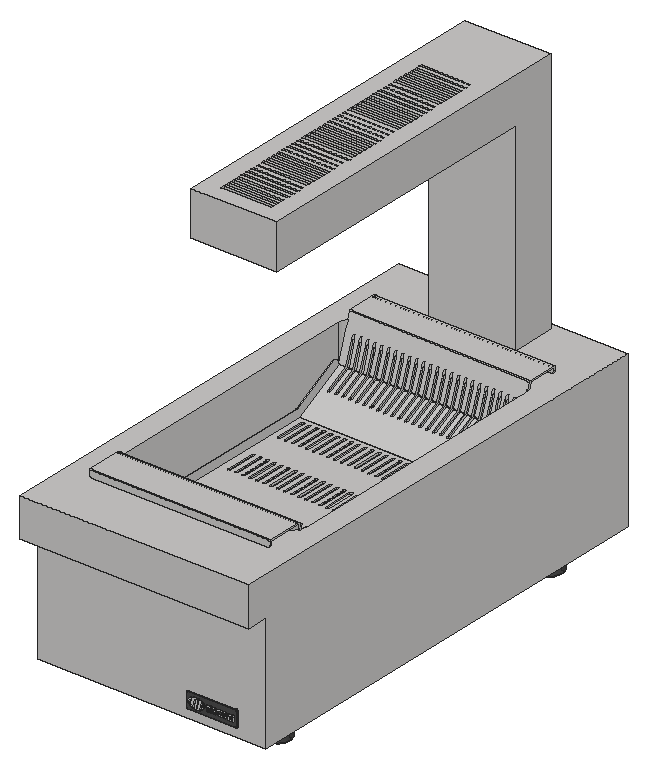
Revit family "QF_MACOM_CF71C-A2M", category Equipamento especial, Revit 2020
Family settings
  Cota do conector redondo = Utilizar diâmetro
  Tipo de parte = Normal
  Número OmniClass = 23.40.40.14.17.11
  Título OmniClass = Cookers, Ovens, Stoves
  Com base no plano de trabalho = Não
  Sempre na vertical = Sim
  Corte com vazios quando carregada = Não
  Compartilhado = Não
  Ponto de cálculo do ambiente = Não
Parameters (values of type "CF71C-A2M")
  Width = 360 mm
  Weigth = 15.00 kg
  Volume = 0.17 m³
  Volts = 220 V
  URL = "https://www.acosmacom.com.br/"
  Show Logo [instance] = yes
  Operational Current = 3 A
  Modelo = "CF71C-A2M"
  Ingress Protection Code = "IP 20"
  Height = 632 mm
  Fabricante = "MACOM"
  Elevação padrão = 0 mm
  Electric Power = 650 W
  Elec Connection Height = 20 mm
  Descrição = "CONSERVADOR DE FRITURAS 700HP A MACOM 360 ELETRICO"
  Depth = 745 mm
  Cycle = 60 Hz
  Capacity = "GN 1/1 - 150"
Reference planes
  plane 1 "Centro (Frente/Trás)": y = 0
  plane 2: z = 0
  plane 3 "Centro (Esquerda/Direita)": x = 0
  plane 4: x = 30
  plane 5: x = 330
  plane 6: y = -115
  plane 7: y = -650
  plane 8: x = 360
  plane 9: y = -745
  plane 10: z = 20
  plane 11: z = 652
  plane 12: z = 204
  plane 13: z = 582
  plane 14: z = 265
  plane 15: x = 180
Forms (mm)
  Extrusion 1, solid, material "QF_Metal_Stainless Steel-Polished"
    sketch origin (0, 0, -635) x (0, 1, 0) y (0, 0, 1)
      loop
        line (0, 900) -> (-745, 900) -> (-745, 655) -> (0, 655) -> (0, 900)
    from 0 to 360
  Extrusion 2, void
    sketch origin (0, 0, 0) x (1, 0, 0) y (0, 0, 1)
      loop
        line (0, 204) -> (0, 20) -> (360, 20) -> (360, 204) -> (0, 204)
    from 711 to 745
  Extrusion 3, solid, material "QF_Metal_Stainless Steel-Polished"
    sketch origin (0, 0, 0) x (0, 1, 0) y (0, 0, 1)
      loop
        line (-10, 265) -> (-10, 652) -> (-550, 652) -> (-550, 582) -> (-80, 582) -> (-80, 265) -> (-10, 265)
    from 112 to 248
  Extrusion 4, void
    sketch origin (0, 5, 0) x (1, 0, 0) y (0, 1, 0)
      loop
        arc (64.5, -137.5) -> (43.287, -146.287) -> (34.5, -167.5) r 30
        line (34.5, -167.5) -> (34.5, -587.5)
        arc (34.5, -587.5) -> (43.287, -608.713) -> (64.5, -617.5) r 30
        line (64.5, -617.5) -> (295.5, -617.5)
        arc (295.5, -617.5) -> (316.713, -608.713) -> (325.5, -587.5) r 30
        line (325.5, -587.5) -> (325.5, -167.5)
        arc (325.5, -167.5) -> (316.713, -146.287) -> (295.5, -137.5) r 30
        line (295.5, -137.5) -> (64.5, -137.5)
    from 116 to 265
  Extrusion 5, void
    sketch origin (0, -10, 652) x (1, 0, 0) y (0, -1, 0)
      loop
        line (140, 120.253) -> (220, 120.253) -> (220, 125.253) -> (140, 125.253) -> (140, 120.253)
      loop
        line (140, 130.253) -> (220, 130.253) -> (220, 135.253) -> (140, 135.253) -> (140, 130.253)
      loop
        line (140, 140.253) -> (220, 140.253) -> (220, 145.253) -> (140, 145.253) -> (140, 140.253)
      loop
        line (140, 150.253) -> (220, 150.253) -> (220, 155.253) -> (140, 155.253) -> (140, 150.253)
      loop
        line (140, 160.253) -> (220, 160.253) -> (220, 165.253) -> (140, 165.253) -> (140, 160.253)
      loop
        line (140, 170.253) -> (220, 170.253) -> (220, 175.253) -> (140, 175.253) -> (140, 170.253)
      loop
        line (140, 180.253) -> (220, 180.253) -> (220, 185.253) -> (140, 185.253) -> (140, 180.253)
      loop
        line (140, 510.253) -> (220, 510.253) -> (220, 515.253) -> (140, 515.253) -> (140, 510.253)
      loop
        line (140, 500.253) -> (220, 500.253) -> (220, 505.253) -> (140, 505.253) -> (140, 500.253)
      loop
        line (140, 490.253) -> (220, 490.253) -> (220, 495.253) -> (140, 495.253) -> (140, 490.253)
      loop
        line (140, 480.253) -> (220, 480.253) -> (220, 485.253) -> (140, 485.253) -> (140, 480.253)
      loop
        line (140, 470.253) -> (220, 470.253) -> (220, 475.253) -> (140, 475.253) -> (140, 470.253)
      loop
        line (220, 465.253) -> (140, 465.253) -> (140, 460.253) -> (220, 460.253) -> (220, 465.253)
      loop
        line (140, 455.253) -> (140, 450.253) -> (220, 450.253) -> (220, 455.253) -> (140, 455.253)
      loop
        line (220, 445.253) -> (140, 445.253) -> (140, 440.253) -> (220, 440.253) -> (220, 445.253)
      loop
        line (220, 435.253) -> (140, 435.253) -> (140, 430.253) -> (220, 430.253) -> (220, 435.253)
      loop
        line (220, 425.253) -> (140, 425.253) -> (140, 420.253) -> (220, 420.253) -> (220, 425.253)
      loop
        line (220, 415.253) -> (140, 415.253) -> (140, 410.253) -> (220, 410.253) -> (220, 415.253)
      loop
        line (220, 405.253) -> (140, 405.253) -> (140, 400.253) -> (220, 400.253) -> (220, 405.253)
      loop
        line (220, 395.253) -> (140, 395.253) -> (140, 390.253) -> (220, 390.253) -> (220, 395.253)
      loop
        line (220, 385.253) -> (140, 385.253) -> (140, 380.253) -> (220, 380.253) -> (220, 385.253)
      loop
        line (220, 375.253) -> (140, 375.253) -> (140, 370.253) -> (220, 370.253) -> (220, 375.253)
      loop
        line (220, 365.253) -> (140, 365.253) -> (140, 360.253) -> (220, 360.253) -> (220, 365.253)
      loop
        line (220, 355.253) -> (140, 355.253) -> (140, 350.253) -> (220, 350.253) -> (220, 355.253)
      loop
        line (220, 345.253) -> (140, 345.253) -> (140, 340.253) -> (220, 340.253) -> (220, 345.253)
      loop
        line (220, 335.253) -> (140, 335.253) -> (140, 330.253) -> (220, 330.253) -> (220, 335.253)
      loop
        line (220, 325.253) -> (140, 325.253) -> (140, 320.253) -> (220, 320.253) -> (220, 325.253)
      loop
        line (220, 315.253) -> (140, 315.253) -> (140, 310.253) -> (220, 310.253) -> (220, 315.253)
      loop
        line (220, 305.253) -> (140, 305.253) -> (140, 300.253) -> (220, 300.253) -> (220, 305.253)
      loop
        line (220, 295.253) -> (140, 295.253) -> (140, 290.253) -> (220, 290.253) -> (220, 295.253)
      loop
        line (220, 285.253) -> (140, 285.253) -> (140, 280.253) -> (220, 280.253) -> (220, 285.253)
      loop
        line (220, 275.253) -> (140, 275.253) -> (140, 270.253) -> (220, 270.253) -> (220, 275.253)
      loop
        line (140, 265.253) -> (140, 260.253) -> (220, 260.253) -> (220, 265.253) -> (140, 265.253)
      loop
        line (140, 255.253) -> (140, 250.253) -> (220, 250.253) -> (220, 255.253) -> (140, 255.253)
      loop
        line (140, 245.253) -> (140, 240.253) -> (220, 240.253) -> (220, 245.253) -> (140, 245.253)
      loop
        line (220, 235.253) -> (140, 235.253) -> (140, 230.253) -> (220, 230.253) -> (220, 235.253)
      loop
        line (220, 225.253) -> (140, 225.253) -> (140, 220.253) -> (220, 220.253) -> (220, 225.253)
      loop
        line (220, 215.253) -> (140, 215.253) -> (140, 210.253) -> (220, 210.253) -> (220, 215.253)
      loop
        line (220, 205.253) -> (140, 205.253) -> (140, 200.253) -> (220, 200.253) -> (220, 205.253)
      loop
        line (220, 195.253) -> (140, 195.253) -> (140, 190.253) -> (220, 190.253) -> (220, 195.253)
    from 0 to 70
  Extrusion 6, solid, material "QF_Metal_Stainless Steel-Polished"
    sketch origin (0, -750, 20) x (1, 0, 0) y (0, -1, 0)
      loop
        circle (180, -735) r 9.525
    from 0 to 6.35
Cuts and joins
  Extrusion 2, Extrusion 4 cuts Extrusion 1
  Extrusion 5 cuts Extrusion 3
Dimensions and locks
  locked: plane 2 to plane 10 at 20
  plane 10 to cut or joined group of Extrusion 1, Extrusion 2, Extrusion 4 = 184 mm
  locked: plane 13 to plane 11 at 70
  locked: plane 12 to plane 14 at 61
  plane 10 to plane 14 = 245 mm
  level to plane 10 = 20 mm
  "Depth": plane 9 to plane 1 "Centro (Frente/Trás)"
  "Width": plane 3 "Centro (Esquerda/Direita)" to plane 8
  equal spacing: plane 3 "Centro (Esquerda/Direita)", plane 15, plane 8
  cut or joined group of Extrusion 1, Extrusion 2, Extrusion 4 to Extrusion 6 sketch curve = 15 mm
  "Height": plane 10 to plane 11
  locked: plane 8 to nested 6 at 44
  locked: plane 10 to nested 6 at 13
  aligned and locked: level to plane 2
  aligned and locked: plane 6 to nested 2
  aligned and locked: plane 6 to nested 3
  aligned and locked: plane 7 to nested 4
  aligned and locked: plane 7 to nested 5
  aligned and locked: plane 4 to nested 2
  aligned and locked: plane 4 to nested 4
  aligned and locked: plane 5 to nested 3
  aligned and locked: plane 5 to nested 5
  aligned and locked: plane 8 to cut or joined group of Extrusion 1, Extrusion 2, Extrusion 4
  aligned and locked: Extrusion 1 to Extrusion 2
  aligned and locked: plane 9 to cut or joined group of Extrusion 1, Extrusion 2, Extrusion 4
  aligned and locked: Extrusion 2 to Extrusion 1  (x2)
  aligned and locked: plane 9 to Extrusion 1
  aligned and locked: Extrusion 1 to plane 3 "Centro (Esquerda/Direita)"
  aligned and locked: plane 8 to Extrusion 1
  aligned and locked: Extrusion 1 to plane 1 "Centro (Frente/Trás)"
  aligned and locked: plane 10 to nested 4
  aligned and locked: plane 10 to nested 2
  aligned and locked: plane 10 to nested 3
  aligned and locked: plane 10 to nested 5
  aligned and locked: Extrusion 1 to Extrusion 4
  aligned and locked: Extrusion 3 to cut or joined group of Extrusion 1, Extrusion 2, Extrusion 4
  aligned and locked: plane 10 to cut or joined group of Extrusion 1, Extrusion 2, Extrusion 4
  aligned and locked: Extrusion 3 to Extrusion 5  (x2)
  aligned and locked: plane 11 to cut or joined group of Extrusion 3, Extrusion 5
  aligned and locked: plane 13 to cut or joined group of Extrusion 3, Extrusion 5
  aligned and locked: plane 12 to cut or joined group of Extrusion 1, Extrusion 2, Extrusion 4
  aligned and locked: plane 14 to cut or joined group of Extrusion 1, Extrusion 2, Extrusion 4
  aligned and locked: nested 6 to cut or joined group of Extrusion 1, Extrusion 2, Extrusion 4
Automatic sketch dimensions
  Extrusion 1 sketch curve to plane 9 = 0 mm
  Extrusion 1 sketch curve to plane 1 "Centro (Frente/Trás)" = 0 mm
  plane 10 to Extrusion 1 sketch curve = 0 mm
  plane 14 to Extrusion 1 sketch curve = 0 mm
  Extrusion 2 sketch curve to plane 3 "Centro (Esquerda/Direita)" = 0 mm
  Extrusion 2 sketch curve to plane 8 = 0 mm
  Extrusion 2 sketch curve to plane 10 = 0 mm
  Extrusion 2 sketch curve to plane 12 = 0 mm
  plane 13 to Extrusion 3 sketch curve = 0 mm
  plane 11 to Extrusion 3 sketch curve = 0 mm
  plane 14 to Extrusion 3 sketch curve = 0 mm
  Extrusion 3 sketch curve to plane 7 = 100 mm
  Extrusion 3 sketch curve to plane 6 = 35 mm
  plane 1 "Centro (Frente/Trás)" to Extrusion 3 sketch curve = 10 mm
  plane 4 to Extrusion 4 sketch curve = 4.5 mm
  plane 4 to Extrusion 4 sketch curve = 34.5 mm
  Extrusion 4 sketch curve to Extrusion 4 sketch curve = 30 mm
  Extrusion 4 sketch curve to plane 5 = 34.5 mm  (x2)
  Extrusion 4 sketch curve to plane 5 = 4.5 mm
  Extrusion 4 sketch curve to plane 7 = 37.5 mm
  plane 6 to Extrusion 4 sketch curve = 47.5 mm
  Extrusion 3 to Extrusion 5 sketch curve = 28 mm  (x5)
  Extrusion 5 sketch curve to Extrusion 5 sketch curve = 0 mm  (x75)
  Extrusion 5 sketch curve to Extrusion 3 = 24.747 mm
  Extrusion 5 sketch curve to Extrusion 5 sketch curve = 5 mm  (x79)
  Extrusion 6 sketch curve to Extrusion 1 = 180 mm
  radius of Extrusion 6 sketch curve = 9.525 mm
Nested families
  nested 1: "ESCORREDOR_CF" at (30.239, -655.533, 265), type "ESCORREDOR_CF"
  nested 2: "Pé de apoio" at (30, -115, -4.6), type "Pé de apoio"
  nested 3: "Pé de apoio" at (330, -115, -4.6), type "Pé de apoio"
  nested 4: "Pé de apoio" at (30, -650, -4.6), type "Pé de apoio"
  nested 5: "Pé de apoio" at (330, -650, -4.6), type "Pé de apoio"
  nested 6: "LOGOTIPO MACOM" at (276, -711, 33.032), visible <- "Show Logo", type "LOGOTIPO MACOM"
Connectors
  electrical at (180, -15, 13.65), driven by "Volts"
    settings: on Extrusion 6, index 1, voltage 220 V, apparent load 0 VA, apparent load phase1 0 VA, apparent load phase2 0 VA, apparent load phase3 0 VA, power factor 1, load classification "Outro", number of poles 1, system type 30, power factor state 1, is connector primary yes, connector utility no, sub classification motor no, connector description ""
Definition of nested family "ESCORREDOR_CF"
  Parameters (values of type "ESCORREDOR_CF")
    Default Elevation = 0 mm
  Reference planes
    plane 1 "Center (Front/Back)": y = 0
    plane 2: z = 0
    plane 3 "Center (Left/Right)": x = 0
    plane 4: x = 152.4
    plane 5: y = 281.5
  Forms (mm)
    Extrusion 1, solid
      sketch origin (0, 0, 0) x (0, 1, 0) y (0, 0, 1)
        loop
          line (0, 0) -> (1.5, 0) -> (1.5, 9)
          arc (1.5, 9) -> (1.646, 9.354) -> (2, 9.5) r 0.5
          line (2, 9.5) -> (55.193, 9.5)
          arc (55.193, 9.5) -> (55.833, 9.269) -> (56.176, 8.682) r 1
          line (56.176, 8.682) -> (68.23, -56.543) -> (147.47, -96.918)
          arc (147.47, -96.918) -> (147.911, -97.081) -> (148.378, -97.136) r 2
          line (148.378, -97.136) -> (411.138, -97.136)
          arc (411.138, -97.136) -> (411.605, -97.081) -> (412.046, -96.918) r 2
          line (412.046, -96.918) -> (490.75, -56.816)
          arc (490.75, -56.816) -> (491.056, -56.575) -> (491.247, -56.234) r 1
          line (491.247, -56.234) -> (512.381, 8.809)
          arc (512.381, 8.809) -> (512.744, 9.309) -> (513.332, 9.5) r 1
          line (513.332, 9.5) -> (557.515, 9.5)
          arc (557.515, 9.5) -> (557.869, 9.354) -> (558.015, 9) r 0.5
          line (558.015, 9) -> (558.015, 0) -> (559.515, 0) -> (559.515, 10.5)
          arc (559.515, 10.5) -> (559.369, 10.854) -> (559.015, 11) r 0.5
          line (559.015, 11) -> (512.242, 11)
          arc (512.242, 11) -> (511.654, 10.809) -> (511.291, 10.309) r 1
          line (511.291, 10.309) -> (490.012, -55.18)
          arc (490.012, -55.18) -> (489.821, -55.52) -> (489.515, -55.762) r 1
          line (489.515, -55.762) -> (411.685, -95.418)
          arc (411.685, -95.418) -> (411.244, -95.581) -> (410.778, -95.636) r 2
          line (410.778, -95.636) -> (148.738, -95.636)
          arc (148.738, -95.636) -> (148.271, -95.581) -> (147.83, -95.418) r 2
          line (147.83, -95.418) -> (70, -55.762)
          arc (70, -55.762) -> (69.694, -55.52) -> (69.503, -55.18) r 1
          line (69.503, -55.18) -> (57.425, 10.182)
          arc (57.425, 10.182) -> (57.081, 10.769) -> (56.441, 11) r 1
          line (56.441, 11) -> (0.5, 11)
          arc (0.5, 11) -> (0.146, 10.854) -> (0, 10.5) r 0.5
          line (0, 10.5) -> (0, 0)
      from 7.42 to 292.102
    Extrusion 2, solid
      sketch origin (0, 0, 0) x (0, 1, 0) y (0, 0, 1)
        loop
          line (489.515, -55.762) -> (485.883, -48.634)
          arc (485.883, -48.634) -> (482.973, -46.149) -> (479.158, -46.449) r 5
          line (479.158, -46.449) -> (411.649, -80.847)
          arc (411.649, -80.847) -> (409.378, -83.208) -> (409.057, -86.469) r 5
          line (409.057, -86.469) -> (408.781, -85.319)
          arc (408.781, -85.319) -> (407.544, -83.388) -> (405.377, -82.636) r 3.5
          line (405.377, -82.636) -> (154.138, -82.636)
          arc (154.138, -82.636) -> (151.971, -83.388) -> (150.735, -85.319) r 3.5
          line (150.735, -85.319) -> (150.448, -86.514)
          arc (150.448, -86.514) -> (150.115, -83.228) -> (147.805, -80.866) r 5
          line (147.805, -80.866) -> (82.536, -48.542)
          arc (82.536, -48.542) -> (79.701, -48.061) -> (77.07, -49.221) r 5
          line (77.07, -49.221) -> (69.631, -55.574) -> (147.83, -95.418)
          arc (147.83, -95.418) -> (148.271, -95.581) -> (148.738, -95.636) r 2
          line (148.738, -95.636) -> (410.778, -95.636)
          arc (410.778, -95.636) -> (411.244, -95.581) -> (411.685, -95.418) r 2
          line (411.685, -95.418) -> (489.515, -55.762)
      from 7.42 to 8.965
    Extrusion 3, solid
      sketch origin (304.8, 0, 0) x (0, 1, 0) y (0, 0, -1)
        loop
          line (489.515, 55.762) -> (411.685, 95.418)
          arc (411.685, 95.418) -> (411.244, 95.581) -> (410.778, 95.636) r 2
          line (410.778, 95.636) -> (148.738, 95.636)
          arc (148.738, 95.636) -> (148.271, 95.581) -> (147.83, 95.418) r 2
          line (147.83, 95.418) -> (69.631, 55.574) -> (77.07, 49.221)
          arc (77.07, 49.221) -> (79.701, 48.061) -> (82.536, 48.542) r 5
          line (82.536, 48.542) -> (147.805, 80.866)
          arc (147.805, 80.866) -> (150.115, 83.228) -> (150.448, 86.514) r 5
          line (150.448, 86.514) -> (150.735, 85.319)
          arc (150.735, 85.319) -> (151.971, 83.388) -> (154.138, 82.636) r 3.5
          line (154.138, 82.636) -> (405.377, 82.636)
          arc (405.377, 82.636) -> (407.544, 83.388) -> (408.781, 85.319) r 3.5
          line (408.781, 85.319) -> (409.057, 86.469)
          arc (409.057, 86.469) -> (409.378, 83.208) -> (411.649, 80.847) r 5
          line (411.649, 80.847) -> (479.158, 46.449)
          arc (479.158, 46.449) -> (482.973, 46.149) -> (485.883, 48.634) r 5
          line (485.883, 48.634) -> (489.515, 55.762)
      from 12.698 to 14.216
    Extrusion 4, void
      sketch origin (0, 0, 0) x (1, 0, 0) y (0, 1, 0)
        loop
          line (21.75, 110.725) -> (21.75, 65.725)
          arc (21.75, 65.725) -> (24.25, 63.225) -> (26.75, 65.725) r 2.5
          line (26.75, 65.725) -> (26.75, 110.725)
          arc (26.75, 110.725) -> (24.25, 113.225) -> (21.75, 110.725) r 2.5
        loop
          line (32.75, 110.725) -> (32.75, 65.725)
          arc (32.75, 65.725) -> (35.25, 63.225) -> (37.75, 65.725) r 2.5
          line (37.75, 65.725) -> (37.75, 110.725)
          arc (37.75, 110.725) -> (35.25, 113.225) -> (32.75, 110.725) r 2.5
        loop
          line (43.75, 110.725) -> (43.75, 65.725)
          arc (43.75, 65.725) -> (46.25, 63.225) -> (48.75, 65.725) r 2.5
          line (48.75, 65.725) -> (48.75, 110.725)
          arc (48.75, 110.725) -> (46.25, 113.225) -> (43.75, 110.725) r 2.5
        loop
          line (54.75, 110.725) -> (54.75, 65.725)
          arc (54.75, 65.725) -> (57.25, 63.225) -> (59.75, 65.725) r 2.5
          line (59.75, 65.725) -> (59.75, 110.725)
          arc (59.75, 110.725) -> (57.25, 113.225) -> (54.75, 110.725) r 2.5
        loop
          line (65.75, 110.725) -> (65.75, 65.725)
          arc (65.75, 65.725) -> (68.25, 63.225) -> (70.75, 65.725) r 2.5
          line (70.75, 65.725) -> (70.75, 110.725)
          arc (70.75, 110.725) -> (68.25, 113.225) -> (65.75, 110.725) r 2.5
        loop
          line (76.75, 110.725) -> (76.75, 65.725)
          arc (76.75, 65.725) -> (79.25, 63.225) -> (81.75, 65.725) r 2.5
          line (81.75, 65.725) -> (81.75, 110.725)
          arc (81.75, 110.725) -> (79.25, 113.225) -> (76.75, 110.725) r 2.5
        loop
          line (87.75, 110.725) -> (87.75, 65.725)
          arc (87.75, 65.725) -> (90.25, 63.225) -> (92.75, 65.725) r 2.5
          line (92.75, 65.725) -> (92.75, 110.725)
          arc (92.75, 110.725) -> (90.25, 113.225) -> (87.75, 110.725) r 2.5
        loop
          line (98.75, 110.725) -> (98.75, 65.725)
          arc (98.75, 65.725) -> (101.25, 63.225) -> (103.75, 65.725) r 2.5
          line (103.75, 65.725) -> (103.75, 110.725)
          arc (103.75, 110.725) -> (101.25, 113.225) -> (98.75, 110.725) r 2.5
        loop
          line (109.75, 110.725) -> (109.75, 65.725)
          arc (109.75, 65.725) -> (112.25, 63.225) -> (114.75, 65.725) r 2.5
          line (114.75, 65.725) -> (114.75, 110.725)
          arc (114.75, 110.725) -> (112.25, 113.225) -> (109.75, 110.725) r 2.5
        loop
          line (120.75, 110.725) -> (120.75, 65.725)
          arc (120.75, 65.725) -> (123.25, 63.225) -> (125.75, 65.725) r 2.5
          line (125.75, 65.725) -> (125.75, 110.725)
          arc (125.75, 110.725) -> (123.25, 113.225) -> (120.75, 110.725) r 2.5
        loop
          line (131.75, 110.725) -> (131.75, 65.725)
          arc (131.75, 65.725) -> (134.25, 63.225) -> (136.75, 65.725) r 2.5
          line (136.75, 65.725) -> (136.75, 110.725)
          arc (136.75, 110.725) -> (134.25, 113.225) -> (131.75, 110.725) r 2.5
        loop
          line (142.75, 110.725) -> (142.75, 65.725)
          arc (142.75, 65.725) -> (145.25, 63.225) -> (147.75, 65.725) r 2.5
          line (147.75, 65.725) -> (147.75, 110.725)
          arc (147.75, 110.725) -> (145.25, 113.225) -> (142.75, 110.725) r 2.5
        loop
          line (153.75, 110.725) -> (153.75, 65.725)
          arc (153.75, 65.725) -> (156.25, 63.225) -> (158.75, 65.725) r 2.5
          line (158.75, 65.725) -> (158.75, 110.725)
          arc (158.75, 110.725) -> (156.25, 113.225) -> (153.75, 110.725) r 2.5
        loop
          line (164.75, 110.725) -> (164.75, 65.725)
          arc (164.75, 65.725) -> (167.25, 63.225) -> (169.75, 65.725) r 2.5
          line (169.75, 65.725) -> (169.75, 110.725)
          arc (169.75, 110.725) -> (167.25, 113.225) -> (164.75, 110.725) r 2.5
        loop
          line (174.899, 110.725) -> (174.899, 65.725)
          arc (174.899, 65.725) -> (177.824, 62.799) -> (180.75, 65.725) r 2.926
          line (180.75, 65.725) -> (180.75, 110.725)
          arc (180.75, 110.725) -> (177.824, 113.65) -> (174.899, 110.725) r 2.926
        loop
          line (186.75, 110.725) -> (186.75, 65.725)
          arc (186.75, 65.725) -> (189.25, 63.225) -> (191.75, 65.725) r 2.5
          line (191.75, 65.725) -> (191.75, 110.725)
          arc (191.75, 110.725) -> (189.25, 113.225) -> (186.75, 110.725) r 2.5
        loop
          line (197.75, 110.725) -> (197.75, 65.725)
          arc (197.75, 65.725) -> (200.25, 63.225) -> (202.75, 65.725) r 2.5
          line (202.75, 65.725) -> (202.75, 110.725)
          arc (202.75, 110.725) -> (200.25, 113.225) -> (197.75, 110.725) r 2.5
        loop
          line (207.46, 110.725) -> (207.46, 65.863)
          arc (207.46, 65.863) -> (209.96, 63.363) -> (212.46, 65.863) r 2.5
          line (212.46, 65.863) -> (212.46, 110.725)
          arc (212.46, 110.725) -> (209.96, 113.225) -> (207.46, 110.725) r 2.5
        loop
          line (219.75, 110.725) -> (219.75, 65.725)
          arc (219.75, 65.725) -> (222.25, 63.225) -> (224.75, 65.725) r 2.5
          line (224.75, 65.725) -> (224.75, 110.725)
          arc (224.75, 110.725) -> (222.25, 113.225) -> (219.75, 110.725) r 2.5
        loop
          line (230.75, 110.725) -> (230.75, 65.725)
          arc (230.75, 65.725) -> (233.25, 63.225) -> (235.75, 65.725) r 2.5
          line (235.75, 65.725) -> (235.75, 110.725)
          arc (235.75, 110.725) -> (233.25, 113.225) -> (230.75, 110.725) r 2.5
        loop
          line (241.75, 110.725) -> (241.75, 65.725)
          arc (241.75, 65.725) -> (244.25, 63.225) -> (246.75, 65.725) r 2.5
          line (246.75, 65.725) -> (246.75, 110.725)
          arc (246.75, 110.725) -> (244.25, 113.225) -> (241.75, 110.725) r 2.5
        loop
          line (252.75, 110.725) -> (252.75, 65.725)
          arc (252.75, 65.725) -> (255.25, 63.225) -> (257.75, 65.725) r 2.5
          line (257.75, 65.725) -> (257.75, 110.725)
          arc (257.75, 110.725) -> (255.25, 113.225) -> (252.75, 110.725) r 2.5
        loop
          line (263.75, 110.725) -> (263.75, 65.725)
          arc (263.75, 65.725) -> (266.25, 63.225) -> (268.75, 65.725) r 2.5
          line (268.75, 65.725) -> (268.75, 110.725)
          arc (268.75, 110.725) -> (266.25, 113.225) -> (263.75, 110.725) r 2.5
        loop
          line (274.75, 110.725) -> (274.75, 65.725)
          arc (274.75, 65.725) -> (277.25, 63.225) -> (279.75, 65.725) r 2.5
          line (279.75, 65.725) -> (279.75, 110.725)
          arc (279.75, 110.725) -> (277.25, 113.225) -> (274.75, 110.725) r 2.5
        loop
          line (21.75, 200.725) -> (21.75, 155.725)
          arc (21.75, 155.725) -> (24.25, 153.225) -> (26.75, 155.725) r 2.5
          line (26.75, 155.725) -> (26.75, 200.725)
          arc (26.75, 200.725) -> (24.25, 203.225) -> (21.75, 200.725) r 2.5
        loop
          line (32.75, 200.725) -> (32.75, 155.725)
          arc (32.75, 155.725) -> (35.25, 153.225) -> (37.75, 155.725) r 2.5
          line (37.75, 155.725) -> (37.75, 200.725)
          arc (37.75, 200.725) -> (35.25, 203.225) -> (32.75, 200.725) r 2.5
        loop
          line (43.75, 200.725) -> (43.75, 155.725)
          arc (43.75, 155.725) -> (46.25, 153.225) -> (48.75, 155.725) r 2.5
          line (48.75, 155.725) -> (48.75, 200.725)
          arc (48.75, 200.725) -> (46.25, 203.225) -> (43.75, 200.725) r 2.5
        loop
          line (54.75, 200.725) -> (54.75, 155.725)
          arc (54.75, 155.725) -> (57.25, 153.225) -> (59.75, 155.725) r 2.5
          line (59.75, 155.725) -> (59.75, 200.725)
          arc (59.75, 200.725) -> (57.25, 203.225) -> (54.75, 200.725) r 2.5
        loop
          line (65.75, 200.725) -> (65.75, 155.725)
          arc (65.75, 155.725) -> (68.25, 153.225) -> (70.75, 155.725) r 2.5
          line (70.75, 155.725) -> (70.75, 200.725)
          arc (70.75, 200.725) -> (68.25, 203.225) -> (65.75, 200.725) r 2.5
        loop
          line (76.75, 200.725) -> (76.75, 155.725)
          arc (76.75, 155.725) -> (79.25, 153.225) -> (81.75, 155.725) r 2.5
          line (81.75, 155.725) -> (81.75, 200.725)
          arc (81.75, 200.725) -> (79.25, 203.225) -> (76.75, 200.725) r 2.5
        loop
          line (87.75, 200.725) -> (87.75, 155.725)
          arc (87.75, 155.725) -> (90.25, 153.225) -> (92.75, 155.725) r 2.5
          line (92.75, 155.725) -> (92.75, 200.725)
          arc (92.75, 200.725) -> (90.25, 203.225) -> (87.75, 200.725) r 2.5
        loop
          line (98.75, 200.725) -> (98.75, 155.725)
          arc (98.75, 155.725) -> (101.25, 153.225) -> (103.75, 155.725) r 2.5
          line (103.75, 155.725) -> (103.75, 200.725)
          arc (103.75, 200.725) -> (101.25, 203.225) -> (98.75, 200.725) r 2.5
        loop
          line (109.75, 200.725) -> (109.75, 155.725)
          arc (109.75, 155.725) -> (112.25, 153.225) -> (114.75, 155.725) r 2.5
          line (114.75, 155.725) -> (114.75, 200.725)
          arc (114.75, 200.725) -> (112.25, 203.225) -> (109.75, 200.725) r 2.5
        loop
          line (120.75, 200.725) -> (120.75, 155.725)
          arc (120.75, 155.725) -> (123.25, 153.225) -> (125.75, 155.725) r 2.5
          line (125.75, 155.725) -> (125.75, 200.725)
          arc (125.75, 200.725) -> (123.25, 203.225) -> (120.75, 200.725) r 2.5
        loop
          line (131.75, 200.725) -> (131.75, 155.725)
          arc (131.75, 155.725) -> (134.25, 153.225) -> (136.75, 155.725) r 2.5
          line (136.75, 155.725) -> (136.75, 200.725)
          arc (136.75, 200.725) -> (134.25, 203.225) -> (131.75, 200.725) r 2.5
        loop
          line (142.75, 200.725) -> (142.75, 155.725)
          arc (142.75, 155.725) -> (145.25, 153.225) -> (147.75, 155.725) r 2.5
          line (147.75, 155.725) -> (147.75, 200.725)
          arc (147.75, 200.725) -> (145.25, 203.225) -> (142.75, 200.725) r 2.5
        loop
          line (153.75, 200.725) -> (153.75, 155.725)
          arc (153.75, 155.725) -> (156.25, 153.225) -> (158.75, 155.725) r 2.5
          line (158.75, 155.725) -> (158.75, 200.725)
          arc (158.75, 200.725) -> (156.25, 203.225) -> (153.75, 200.725) r 2.5
        loop
          line (164.75, 200.725) -> (164.75, 155.725)
          arc (164.75, 155.725) -> (167.25, 153.225) -> (169.75, 155.725) r 2.5
          line (169.75, 155.725) -> (169.75, 200.725)
          arc (169.75, 200.725) -> (167.25, 203.225) -> (164.75, 200.725) r 2.5
        loop
          line (175.75, 200.725) -> (175.75, 155.725)
          arc (175.75, 155.725) -> (178.25, 153.225) -> (180.75, 155.725) r 2.5
          line (180.75, 155.725) -> (180.75, 200.725)
          arc (180.75, 200.725) -> (178.25, 203.225) -> (175.75, 200.725) r 2.5
        loop
          line (186.75, 200.725) -> (186.75, 155.725)
          arc (186.75, 155.725) -> (189.25, 153.225) -> (191.75, 155.725) r 2.5
          line (191.75, 155.725) -> (191.75, 200.725)
          arc (191.75, 200.725) -> (189.25, 203.225) -> (186.75, 200.725) r 2.5
        loop
          line (197.75, 200.725) -> (197.75, 155.725)
          arc (197.75, 155.725) -> (200.25, 153.225) -> (202.75, 155.725) r 2.5
          line (202.75, 155.725) -> (202.75, 200.725)
          arc (202.75, 200.725) -> (200.25, 203.225) -> (197.75, 200.725) r 2.5
        loop
          line (208.75, 200.725) -> (208.75, 155.725)
          arc (208.75, 155.725) -> (211.25, 153.225) -> (213.75, 155.725) r 2.5
          line (213.75, 155.725) -> (213.75, 200.725)
          arc (213.75, 200.725) -> (211.25, 203.225) -> (208.75, 200.725) r 2.5
        loop
          line (219.75, 200.725) -> (219.75, 155.725)
          arc (219.75, 155.725) -> (222.25, 153.225) -> (224.75, 155.725) r 2.5
          line (224.75, 155.725) -> (224.75, 200.725)
          arc (224.75, 200.725) -> (222.25, 203.225) -> (219.75, 200.725) r 2.5
        loop
          line (230.75, 200.725) -> (230.75, 155.725)
          arc (230.75, 155.725) -> (233.25, 153.225) -> (235.75, 155.725) r 2.5
          line (235.75, 155.725) -> (235.75, 200.725)
          arc (235.75, 200.725) -> (233.25, 203.225) -> (230.75, 200.725) r 2.5
        loop
          line (241.75, 200.725) -> (241.75, 155.725)
          arc (241.75, 155.725) -> (244.25, 153.225) -> (246.75, 155.725) r 2.5
          line (246.75, 155.725) -> (246.75, 200.725)
          arc (246.75, 200.725) -> (244.25, 203.225) -> (241.75, 200.725) r 2.5
        loop
          line (252.75, 200.725) -> (252.75, 155.725)
          arc (252.75, 155.725) -> (255.25, 153.225) -> (257.75, 155.725) r 2.5
          line (257.75, 155.725) -> (257.75, 200.725)
          arc (257.75, 200.725) -> (255.25, 203.225) -> (252.75, 200.725) r 2.5
        loop
          line (263.75, 200.725) -> (263.75, 155.725)
          arc (263.75, 155.725) -> (266.25, 153.225) -> (268.75, 155.725) r 2.5
          line (268.75, 155.725) -> (268.75, 200.725)
          arc (268.75, 200.725) -> (266.25, 203.225) -> (263.75, 200.725) r 2.5
        loop
          line (274.75, 200.725) -> (274.75, 155.725)
          arc (274.75, 155.725) -> (277.25, 153.225) -> (279.75, 155.725) r 2.5
          line (279.75, 155.725) -> (279.75, 200.725)
          arc (279.75, 200.725) -> (277.25, 203.225) -> (274.75, 200.725) r 2.5
        loop
          line (21.75, 300.725) -> (21.75, 255.725)
          arc (21.75, 255.725) -> (24.25, 253.225) -> (26.75, 255.725) r 2.5
          line (26.75, 255.725) -> (26.75, 300.725)
          arc (26.75, 300.725) -> (24.25, 303.225) -> (21.75, 300.725) r 2.5
        loop
          line (32.75, 300.725) -> (32.75, 255.725)
          arc (32.75, 255.725) -> (35.25, 253.225) -> (37.75, 255.725) r 2.5
          line (37.75, 255.725) -> (37.75, 300.725)
          arc (37.75, 300.725) -> (35.25, 303.225) -> (32.75, 300.725) r 2.5
        loop
          line (43.75, 300.725) -> (43.75, 255.725)
          arc (43.75, 255.725) -> (46.25, 253.225) -> (48.75, 255.725) r 2.5
          line (48.75, 255.725) -> (48.75, 300.725)
          arc (48.75, 300.725) -> (46.25, 303.225) -> (43.75, 300.725) r 2.5
        loop
          line (54.75, 300.725) -> (54.75, 255.725)
          arc (54.75, 255.725) -> (57.25, 253.225) -> (59.75, 255.725) r 2.5
          line (59.75, 255.725) -> (59.75, 300.725)
          arc (59.75, 300.725) -> (57.25, 303.225) -> (54.75, 300.725) r 2.5
        loop
          line (65.75, 300.725) -> (65.75, 255.725)
          arc (65.75, 255.725) -> (68.25, 253.225) -> (70.75, 255.725) r 2.5
          line (70.75, 255.725) -> (70.75, 300.725)
          arc (70.75, 300.725) -> (68.25, 303.225) -> (65.75, 300.725) r 2.5
        loop
          line (76.75, 300.725) -> (76.75, 255.725)
          arc (76.75, 255.725) -> (79.25, 253.225) -> (81.75, 255.725) r 2.5
          line (81.75, 255.725) -> (81.75, 300.725)
          arc (81.75, 300.725) -> (79.25, 303.225) -> (76.75, 300.725) r 2.5
        loop
          line (87.75, 300.725) -> (87.75, 255.725)
          arc (87.75, 255.725) -> (90.25, 253.225) -> (92.75, 255.725) r 2.5
          line (92.75, 255.725) -> (92.75, 300.725)
          arc (92.75, 300.725) -> (90.25, 303.225) -> (87.75, 300.725) r 2.5
        loop
          line (98.75, 300.725) -> (98.75, 255.725)
          arc (98.75, 255.725) -> (101.25, 253.225) -> (103.75, 255.725) r 2.5
          line (103.75, 255.725) -> (103.75, 300.725)
          arc (103.75, 300.725) -> (101.25, 303.225) -> (98.75, 300.725) r 2.5
        loop
          line (109.75, 300.725) -> (109.75, 255.725)
          arc (109.75, 255.725) -> (112.25, 253.225) -> (114.75, 255.725) r 2.5
          line (114.75, 255.725) -> (114.75, 300.725)
          arc (114.75, 300.725) -> (112.25, 303.225) -> (109.75, 300.725) r 2.5
        loop
          line (120.75, 300.725) -> (120.75, 255.725)
          arc (120.75, 255.725) -> (123.25, 253.225) -> (125.75, 255.725) r 2.5
          line (125.75, 255.725) -> (125.75, 300.725)
          arc (125.75, 300.725) -> (123.25, 303.225) -> (120.75, 300.725) r 2.5
        loop
          line (131.75, 300.725) -> (131.75, 255.725)
          arc (131.75, 255.725) -> (134.25, 253.225) -> (136.75, 255.725) r 2.5
          line (136.75, 255.725) -> (136.75, 300.725)
          arc (136.75, 300.725) -> (134.25, 303.225) -> (131.75, 300.725) r 2.5
        loop
          line (142.75, 300.725) -> (142.75, 255.725)
          arc (142.75, 255.725) -> (145.25, 253.225) -> (147.75, 255.725) r 2.5
          line (147.75, 255.725) -> (147.75, 300.725)
          arc (147.75, 300.725) -> (145.25, 303.225) -> (142.75, 300.725) r 2.5
        loop
          line (153.75, 300.725) -> (153.75, 255.725)
          arc (153.75, 255.725) -> (156.25, 253.225) -> (158.75, 255.725) r 2.5
          line (158.75, 255.725) -> (158.75, 300.725)
          arc (158.75, 300.725) -> (156.25, 303.225) -> (153.75, 300.725) r 2.5
        loop
          line (164.75, 300.725) -> (164.75, 255.725)
          arc (164.75, 255.725) -> (167.25, 253.225) -> (169.75, 255.725) r 2.5
          line (169.75, 255.725) -> (169.75, 300.725)
          arc (169.75, 300.725) -> (167.25, 303.225) -> (164.75, 300.725) r 2.5
        loop
          line (175.75, 300.725) -> (175.75, 255.725)
          arc (175.75, 255.725) -> (178.25, 253.225) -> (180.75, 255.725) r 2.5
          line (180.75, 255.725) -> (180.75, 300.725)
          arc (180.75, 300.725) -> (178.25, 303.225) -> (175.75, 300.725) r 2.5
        loop
          line (186.75, 300.725) -> (186.75, 255.725)
          arc (186.75, 255.725) -> (189.25, 253.225) -> (191.75, 255.725) r 2.5
          line (191.75, 255.725) -> (191.75, 300.725)
          arc (191.75, 300.725) -> (189.25, 303.225) -> (186.75, 300.725) r 2.5
        loop
          line (197.75, 300.725) -> (197.75, 255.725)
          arc (197.75, 255.725) -> (200.25, 253.225) -> (202.75, 255.725) r 2.5
          line (202.75, 255.725) -> (202.75, 300.725)
          arc (202.75, 300.725) -> (200.25, 303.225) -> (197.75, 300.725) r 2.5
        loop
          line (208.75, 300.725) -> (208.75, 255.725)
          arc (208.75, 255.725) -> (211.25, 253.225) -> (213.75, 255.725) r 2.5
          line (213.75, 255.725) -> (213.75, 300.725)
          arc (213.75, 300.725) -> (211.25, 303.225) -> (208.75, 300.725) r 2.5
        loop
          line (219.75, 300.725) -> (219.75, 255.725)
          arc (219.75, 255.725) -> (222.25, 253.225) -> (224.75, 255.725) r 2.5
          line (224.75, 255.725) -> (224.75, 300.725)
          arc (224.75, 300.725) -> (222.25, 303.225) -> (219.75, 300.725) r 2.5
        loop
          line (230.75, 300.725) -> (230.75, 255.725)
          arc (230.75, 255.725) -> (233.25, 253.225) -> (235.75, 255.725) r 2.5
          line (235.75, 255.725) -> (235.75, 300.725)
          arc (235.75, 300.725) -> (233.25, 303.225) -> (230.75, 300.725) r 2.5
        loop
          line (241.75, 300.725) -> (241.75, 255.725)
          arc (241.75, 255.725) -> (244.25, 253.225) -> (246.75, 255.725) r 2.5
          line (246.75, 255.725) -> (246.75, 300.725)
          arc (246.75, 300.725) -> (244.25, 303.225) -> (241.75, 300.725) r 2.5
        loop
          line (252.75, 300.725) -> (252.75, 255.725)
          arc (252.75, 255.725) -> (255.25, 253.225) -> (257.75, 255.725) r 2.5
          line (257.75, 255.725) -> (257.75, 300.725)
          arc (257.75, 300.725) -> (255.25, 303.225) -> (252.75, 300.725) r 2.5
        loop
          line (263.75, 300.725) -> (263.75, 255.725)
          arc (263.75, 255.725) -> (266.25, 253.225) -> (268.75, 255.725) r 2.5
          line (268.75, 255.725) -> (268.75, 300.725)
          arc (268.75, 300.725) -> (266.25, 303.225) -> (263.75, 300.725) r 2.5
        loop
          line (274.75, 300.725) -> (274.75, 255.725)
          arc (274.75, 255.725) -> (277.25, 253.225) -> (279.75, 255.725) r 2.5
          line (279.75, 255.725) -> (279.75, 300.725)
          arc (279.75, 300.725) -> (277.25, 303.225) -> (274.75, 300.725) r 2.5
        loop
          line (19.38, 400.696) -> (19.38, 355.696)
          arc (19.38, 355.696) -> (21.88, 353.196) -> (24.38, 355.696) r 2.5
          line (24.38, 355.696) -> (24.38, 400.696)
          arc (24.38, 400.696) -> (21.88, 403.196) -> (19.38, 400.696) r 2.5
        loop
          line (30.38, 400.696) -> (30.38, 355.696)
          arc (30.38, 355.696) -> (32.88, 353.196) -> (35.38, 355.696) r 2.5
          line (35.38, 355.696) -> (35.38, 400.696)
          arc (35.38, 400.696) -> (32.88, 403.196) -> (30.38, 400.696) r 2.5
        loop
          line (41.38, 400.696) -> (41.38, 355.696)
          arc (41.38, 355.696) -> (43.88, 353.196) -> (46.38, 355.696) r 2.5
          line (46.38, 355.696) -> (46.38, 400.696)
          arc (46.38, 400.696) -> (43.88, 403.196) -> (41.38, 400.696) r 2.5
        loop
          line (52.38, 400.696) -> (52.38, 355.696)
          arc (52.38, 355.696) -> (54.88, 353.196) -> (57.38, 355.696) r 2.5
          line (57.38, 355.696) -> (57.38, 400.696)
          arc (57.38, 400.696) -> (54.88, 403.196) -> (52.38, 400.696) r 2.5
        loop
          line (63.38, 400.696) -> (63.38, 355.696)
          arc (63.38, 355.696) -> (65.88, 353.196) -> (68.38, 355.696) r 2.5
          line (68.38, 355.696) -> (68.38, 400.696)
          arc (68.38, 400.696) -> (65.88, 403.196) -> (63.38, 400.696) r 2.5
        loop
          line (74.38, 400.696) -> (74.38, 355.696)
          arc (74.38, 355.696) -> (76.88, 353.196) -> (79.38, 355.696) r 2.5
          line (79.38, 355.696) -> (79.38, 400.696)
          arc (79.38, 400.696) -> (76.88, 403.196) -> (74.38, 400.696) r 2.5
        loop
          line (85.38, 400.696) -> (85.38, 355.696)
          arc (85.38, 355.696) -> (87.88, 353.196) -> (90.38, 355.696) r 2.5
          line (90.38, 355.696) -> (90.38, 400.696)
          arc (90.38, 400.696) -> (87.88, 403.196) -> (85.38, 400.696) r 2.5
        loop
          line (96.38, 400.696) -> (96.38, 355.696)
          arc (96.38, 355.696) -> (98.88, 353.196) -> (101.38, 355.696) r 2.5
          line (101.38, 355.696) -> (101.38, 400.696)
          arc (101.38, 400.696) -> (98.88, 403.196) -> (96.38, 400.696) r 2.5
        loop
          line (107.38, 400.696) -> (107.38, 355.696)
          arc (107.38, 355.696) -> (109.88, 353.196) -> (112.38, 355.696) r 2.5
          line (112.38, 355.696) -> (112.38, 400.696)
          arc (112.38, 400.696) -> (109.88, 403.196) -> (107.38, 400.696) r 2.5
        loop
          line (118.38, 400.696) -> (118.38, 355.696)
          arc (118.38, 355.696) -> (120.88, 353.196) -> (123.38, 355.696) r 2.5
          line (123.38, 355.696) -> (123.38, 400.696)
          arc (123.38, 400.696) -> (120.88, 403.196) -> (118.38, 400.696) r 2.5
        loop
          line (129.38, 400.696) -> (129.38, 355.696)
          arc (129.38, 355.696) -> (131.88, 353.196) -> (134.38, 355.696) r 2.5
          line (134.38, 355.696) -> (134.38, 400.696)
          arc (134.38, 400.696) -> (131.88, 403.196) -> (129.38, 400.696) r 2.5
        loop
          line (140.38, 400.696) -> (140.38, 355.696)
          arc (140.38, 355.696) -> (142.88, 353.196) -> (145.38, 355.696) r 2.5
          line (145.38, 355.696) -> (145.38, 400.696)
          arc (145.38, 400.696) -> (142.88, 403.196) -> (140.38, 400.696) r 2.5
        loop
          line (151.38, 400.696) -> (151.38, 355.696)
          arc (151.38, 355.696) -> (153.88, 353.196) -> (156.38, 355.696) r 2.5
          line (156.38, 355.696) -> (156.38, 400.696)
          arc (156.38, 400.696) -> (153.88, 403.196) -> (151.38, 400.696) r 2.5
        loop
          line (162.38, 400.696) -> (162.38, 355.696)
          arc (162.38, 355.696) -> (164.88, 353.196) -> (167.38, 355.696) r 2.5
          line (167.38, 355.696) -> (167.38, 400.696)
          arc (167.38, 400.696) -> (164.88, 403.196) -> (162.38, 400.696) r 2.5
        loop
          line (173.38, 400.696) -> (173.38, 355.696)
          arc (173.38, 355.696) -> (175.88, 353.196) -> (178.38, 355.696) r 2.5
          line (178.38, 355.696) -> (178.38, 400.696)
          arc (178.38, 400.696) -> (175.88, 403.196) -> (173.38, 400.696) r 2.5
        loop
          line (184.38, 400.696) -> (184.38, 355.696)
          arc (184.38, 355.696) -> (186.88, 353.196) -> (189.38, 355.696) r 2.5
          line (189.38, 355.696) -> (189.38, 400.696)
          arc (189.38, 400.696) -> (186.88, 403.196) -> (184.38, 400.696) r 2.5
        loop
          line (195.38, 400.696) -> (195.38, 355.696)
          arc (195.38, 355.696) -> (197.88, 353.196) -> (200.38, 355.696) r 2.5
          line (200.38, 355.696) -> (200.38, 400.696)
          arc (200.38, 400.696) -> (197.88, 403.196) -> (195.38, 400.696) r 2.5
        loop
          line (206.38, 400.696) -> (206.38, 355.696)
          arc (206.38, 355.696) -> (208.88, 353.196) -> (211.38, 355.696) r 2.5
          line (211.38, 355.696) -> (211.38, 400.696)
          arc (211.38, 400.696) -> (208.88, 403.196) -> (206.38, 400.696) r 2.5
        loop
          line (217.38, 400.696) -> (217.38, 355.696)
          arc (217.38, 355.696) -> (219.88, 353.196) -> (222.38, 355.696) r 2.5
          line (222.38, 355.696) -> (222.38, 400.696)
          arc (222.38, 400.696) -> (219.88, 403.196) -> (217.38, 400.696) r 2.5
        loop
          line (228.38, 400.696) -> (228.38, 355.696)
          arc (228.38, 355.696) -> (230.88, 353.196) -> (233.38, 355.696) r 2.5
          line (233.38, 355.696) -> (233.38, 400.696)
          arc (233.38, 400.696) -> (230.88, 403.196) -> (228.38, 400.696) r 2.5
        loop
          line (239.38, 400.696) -> (239.38, 355.696)
          arc (239.38, 355.696) -> (241.88, 353.196) -> (244.38, 355.696) r 2.5
          line (244.38, 355.696) -> (244.38, 400.696)
          arc (244.38, 400.696) -> (241.88, 403.196) -> (239.38, 400.696) r 2.5
        loop
          line (250.38, 400.696) -> (250.38, 355.696)
          arc (250.38, 355.696) -> (252.88, 353.196) -> (255.38, 355.696) r 2.5
          line (255.38, 355.696) -> (255.38, 400.696)
          arc (255.38, 400.696) -> (252.88, 403.196) -> (250.38, 400.696) r 2.5
        loop
          line (261.38, 400.696) -> (261.38, 355.696)
          arc (261.38, 355.696) -> (263.88, 353.196) -> (266.38, 355.696) r 2.5
          line (266.38, 355.696) -> (266.38, 400.696)
          arc (266.38, 400.696) -> (263.88, 403.196) -> (261.38, 400.696) r 2.5
        loop
          line (272.38, 400.696) -> (272.38, 355.696)
          arc (272.38, 355.696) -> (274.88, 353.196) -> (277.38, 355.696) r 2.5
          line (277.38, 355.696) -> (277.38, 400.696)
          arc (277.38, 400.696) -> (274.88, 403.196) -> (272.38, 400.696) r 2.5
        loop
          line (19.38, 500.696) -> (19.38, 455.696)
          arc (19.38, 455.696) -> (21.88, 453.196) -> (24.38, 455.696) r 2.5
          line (24.38, 455.696) -> (24.38, 500.696)
          arc (24.38, 500.696) -> (21.88, 503.196) -> (19.38, 500.696) r 2.5
        loop
          line (30.38, 500.696) -> (30.38, 455.696)
          arc (30.38, 455.696) -> (32.88, 453.196) -> (35.38, 455.696) r 2.5
          line (35.38, 455.696) -> (35.38, 500.696)
          arc (35.38, 500.696) -> (32.88, 503.196) -> (30.38, 500.696) r 2.5
        loop
          line (41.38, 500.696) -> (41.38, 455.696)
          arc (41.38, 455.696) -> (43.88, 453.196) -> (46.38, 455.696) r 2.5
          line (46.38, 455.696) -> (46.38, 500.696)
          arc (46.38, 500.696) -> (43.88, 503.196) -> (41.38, 500.696) r 2.5
        loop
          line (52.38, 500.696) -> (52.38, 455.696)
          arc (52.38, 455.696) -> (54.88, 453.196) -> (57.38, 455.696) r 2.5
          line (57.38, 455.696) -> (57.38, 500.696)
          arc (57.38, 500.696) -> (54.88, 503.196) -> (52.38, 500.696) r 2.5
        loop
          line (63.38, 500.696) -> (63.38, 455.696)
          arc (63.38, 455.696) -> (65.88, 453.196) -> (68.38, 455.696) r 2.5
          line (68.38, 455.696) -> (68.38, 500.696)
          arc (68.38, 500.696) -> (65.88, 503.196) -> (63.38, 500.696) r 2.5
        loop
          line (74.38, 500.696) -> (74.38, 455.696)
          arc (74.38, 455.696) -> (76.88, 453.196) -> (79.38, 455.696) r 2.5
          line (79.38, 455.696) -> (79.38, 500.696)
          arc (79.38, 500.696) -> (76.88, 503.196) -> (74.38, 500.696) r 2.5
        loop
          line (85.38, 500.696) -> (85.38, 455.696)
          arc (85.38, 455.696) -> (87.88, 453.196) -> (90.38, 455.696) r 2.5
          line (90.38, 455.696) -> (90.38, 500.696)
          arc (90.38, 500.696) -> (87.88, 503.196) -> (85.38, 500.696) r 2.5
        loop
          line (96.38, 500.696) -> (96.38, 455.696)
          arc (96.38, 455.696) -> (98.88, 453.196) -> (101.38, 455.696) r 2.5
          line (101.38, 455.696) -> (101.38, 500.696)
          arc (101.38, 500.696) -> (98.88, 503.196) -> (96.38, 500.696) r 2.5
        loop
          line (107.38, 500.696) -> (107.38, 455.696)
          arc (107.38, 455.696) -> (109.88, 453.196) -> (112.38, 455.696) r 2.5
          line (112.38, 455.696) -> (112.38, 500.696)
          arc (112.38, 500.696) -> (109.88, 503.196) -> (107.38, 500.696) r 2.5
        loop
          line (118.38, 500.696) -> (118.38, 455.696)
          arc (118.38, 455.696) -> (120.88, 453.196) -> (123.38, 455.696) r 2.5
          line (123.38, 455.696) -> (123.38, 500.696)
          arc (123.38, 500.696) -> (120.88, 503.196) -> (118.38, 500.696) r 2.5
        loop
          line (129.38, 500.696) -> (129.38, 455.696)
          arc (129.38, 455.696) -> (131.88, 453.196) -> (134.38, 455.696) r 2.5
          line (134.38, 455.696) -> (134.38, 500.696)
          arc (134.38, 500.696) -> (131.88, 503.196) -> (129.38, 500.696) r 2.5
        loop
          line (140.38, 500.696) -> (140.38, 455.696)
          arc (140.38, 455.696) -> (142.88, 453.196) -> (145.38, 455.696) r 2.5
          line (145.38, 455.696) -> (145.38, 500.696)
          arc (145.38, 500.696) -> (142.88, 503.196) -> (140.38, 500.696) r 2.5
        loop
          line (151.38, 500.696) -> (151.38, 455.696)
          arc (151.38, 455.696) -> (153.88, 453.196) -> (156.38, 455.696) r 2.5
          line (156.38, 455.696) -> (156.38, 500.696)
          arc (156.38, 500.696) -> (153.88, 503.196) -> (151.38, 500.696) r 2.5
        loop
          line (162.38, 500.696) -> (162.38, 455.696)
          arc (162.38, 455.696) -> (164.88, 453.196) -> (167.38, 455.696) r 2.5
          line (167.38, 455.696) -> (167.38, 500.696)
          arc (167.38, 500.696) -> (164.88, 503.196) -> (162.38, 500.696) r 2.5
        loop
          line (173.38, 500.696) -> (173.38, 455.696)
          arc (173.38, 455.696) -> (175.88, 453.196) -> (178.38, 455.696) r 2.5
          line (178.38, 455.696) -> (178.38, 500.696)
          arc (178.38, 500.696) -> (175.88, 503.196) -> (173.38, 500.696) r 2.5
        loop
          line (184.38, 500.696) -> (184.38, 455.696)
          arc (184.38, 455.696) -> (186.88, 453.196) -> (189.38, 455.696) r 2.5
          line (189.38, 455.696) -> (189.38, 500.696)
          arc (189.38, 500.696) -> (186.88, 503.196) -> (184.38, 500.696) r 2.5
        loop
          line (195.38, 500.696) -> (195.38, 455.696)
          arc (195.38, 455.696) -> (197.88, 453.196) -> (200.38, 455.696) r 2.5
          line (200.38, 455.696) -> (200.38, 500.696)
          arc (200.38, 500.696) -> (197.88, 503.196) -> (195.38, 500.696) r 2.5
        loop
          line (206.38, 500.696) -> (206.38, 455.696)
          arc (206.38, 455.696) -> (208.88, 453.196) -> (211.38, 455.696) r 2.5
          line (211.38, 455.696) -> (211.38, 500.696)
          arc (211.38, 500.696) -> (208.88, 503.196) -> (206.38, 500.696) r 2.5
        loop
          line (217.38, 500.696) -> (217.38, 455.696)
          arc (217.38, 455.696) -> (219.88, 453.196) -> (222.38, 455.696) r 2.5
          line (222.38, 455.696) -> (222.38, 500.696)
          arc (222.38, 500.696) -> (219.88, 503.196) -> (217.38, 500.696) r 2.5
        loop
          line (228.38, 500.696) -> (228.38, 455.696)
          arc (228.38, 455.696) -> (230.88, 453.196) -> (233.38, 455.696) r 2.5
          line (233.38, 455.696) -> (233.38, 500.696)
          arc (233.38, 500.696) -> (230.88, 503.196) -> (228.38, 500.696) r 2.5
        loop
          line (239.38, 500.696) -> (239.38, 455.696)
          arc (239.38, 455.696) -> (241.88, 453.196) -> (244.38, 455.696) r 2.5
          line (244.38, 455.696) -> (244.38, 500.696)
          arc (244.38, 500.696) -> (241.88, 503.196) -> (239.38, 500.696) r 2.5
        loop
          line (250.38, 500.696) -> (250.38, 455.696)
          arc (250.38, 455.696) -> (252.88, 453.196) -> (255.38, 455.696) r 2.5
          line (255.38, 455.696) -> (255.38, 500.696)
          arc (255.38, 500.696) -> (252.88, 503.196) -> (250.38, 500.696) r 2.5
        loop
          line (261.38, 500.696) -> (261.38, 455.696)
          arc (261.38, 455.696) -> (263.88, 453.196) -> (266.38, 455.696) r 2.5
          line (266.38, 455.696) -> (266.38, 500.696)
          arc (266.38, 500.696) -> (263.88, 503.196) -> (261.38, 500.696) r 2.5
        loop
          line (272.38, 500.696) -> (272.38, 455.696)
          arc (272.38, 455.696) -> (274.88, 453.196) -> (277.38, 455.696) r 2.5
          line (277.38, 455.696) -> (277.38, 500.696)
          arc (277.38, 500.696) -> (274.88, 503.196) -> (272.38, 500.696) r 2.5
      from -108.351 to 37.347
    Extrusion 5, void
      sketch origin (0, 0, 0) x (1, 0, 0) y (0, 0, 1)
        loop
          line (7.42, 5) -> (7.42, 0) -> (12.42, 0)
          arc (12.42, 0) -> (8.884, 1.464) -> (7.42, 5) r 5
        loop
          arc (292.102, 5) -> (290.638, 1.464) -> (287.102, 0) r 5
          line (287.102, 0) -> (292.102, 0) -> (292.102, 5)
      from -2.589 to 1.482
    Extrusion 6, void
      sketch origin (0, 563, 0) x (1, 0, 0) y (0, 0, -1)
        loop
          line (292.102, -5) -> (292.102, 0) -> (287.102, 0)
          arc (287.102, 0) -> (290.638, -1.464) -> (292.102, -5) r 5
        loop
          arc (7.42, -5) -> (8.884, -1.464) -> (12.42, 0) r 5
          line (12.42, 0) -> (7.42, 0) -> (7.42, -5)
      from -6.1 to -2.505
  Cuts and joins
    Extrusion 4, Extrusion 5, Extrusion 6 cuts Extrusion 1
  Dimensions and locks
    aligned and locked: level to plane 2
  Automatic sketch dimensions
    Extrusion 2 sketch curve to plane 1 "Center (Front/Back)" = 69.631 mm
    Extrusion 2 sketch curve to Extrusion 2 sketch curve = 7.439 mm
    Extrusion 2 sketch curve to Extrusion 2 sketch curve = 3.247 mm
    Extrusion 2 sketch curve to level = 48.542 mm
    Extrusion 2 sketch curve to Extrusion 2 sketch curve = 2.219 mm  (x2)
    Extrusion 2 sketch curve to Extrusion 2 sketch curve = 65.269 mm
    Extrusion 2 sketch curve to level = 80.866 mm
    Extrusion 2 sketch curve to Extrusion 2 sketch curve = 2.244 mm
    Extrusion 2 sketch curve to Extrusion 2 sketch curve = 0.908 mm  (x2)
    Extrusion 2 sketch curve to Extrusion 2 sketch curve = 4.862 mm
    Extrusion 2 sketch curve to level = 85.319 mm  (x2)
    Extrusion 2 sketch curve to Extrusion 2 sketch curve = 0.287 mm
    Extrusion 2 sketch curve to Extrusion 2 sketch curve = 3.403 mm  (x2)
    Extrusion 2 sketch curve to plane 5 = 123.877 mm
    Extrusion 2 sketch curve to Extrusion 2 sketch curve = 0.276 mm
    Extrusion 2 sketch curve to Extrusion 2 sketch curve = 1.721 mm
    Extrusion 2 sketch curve to level = 80.847 mm
    Extrusion 2 sketch curve to Extrusion 2 sketch curve = 2.868 mm
    Extrusion 2 sketch curve to Extrusion 2 sketch curve = 2.27 mm  (x2)
    Extrusion 2 sketch curve to level = 46.449 mm
    Extrusion 2 sketch curve to Extrusion 2 sketch curve = 67.509 mm
    Extrusion 2 sketch curve to level = 48.634 mm
    Extrusion 2 sketch curve to Extrusion 2 sketch curve = 4.455 mm
    Extrusion 2 sketch curve to level = 55.762 mm
    Extrusion 2 sketch curve to Extrusion 2 sketch curve = 3.632 mm
    Extrusion 2 sketch curve to Extrusion 2 sketch curve = 0.218 mm  (x2)
    Extrusion 2 sketch curve to Extrusion 2 sketch curve = 1.195 mm
    Extrusion 2 sketch curve to Extrusion 2 sketch curve = 1.15 mm
    Extrusion 2 sketch curve to Extrusion 2 sketch curve = 0.817 mm
    Extrusion 2 sketch curve to Extrusion 2 sketch curve = 7.032 mm
    Extrusion 2 sketch curve to Extrusion 2 sketch curve = 4.481 mm
    Extrusion 3 sketch curve to plane 1 "Center (Front/Back)" = 69.631 mm
    Extrusion 3 sketch curve to Extrusion 3 sketch curve = 7.439 mm
    Extrusion 3 sketch curve to Extrusion 3 sketch curve = 3.247 mm
    Extrusion 3 sketch curve to level = 48.542 mm
    Extrusion 3 sketch curve to Extrusion 3 sketch curve = 2.219 mm  (x2)
    Extrusion 3 sketch curve to Extrusion 3 sketch curve = 65.269 mm
    Extrusion 3 sketch curve to level = 80.866 mm
    Extrusion 3 sketch curve to Extrusion 3 sketch curve = 2.244 mm
    Extrusion 3 sketch curve to Extrusion 3 sketch curve = 0.908 mm  (x2)
    Extrusion 3 sketch curve to Extrusion 3 sketch curve = 4.862 mm
    Extrusion 3 sketch curve to level = 85.319 mm  (x2)
    Extrusion 3 sketch curve to Extrusion 3 sketch curve = 0.287 mm
    Extrusion 3 sketch curve to Extrusion 3 sketch curve = 3.403 mm  (x2)
    Extrusion 3 sketch curve to plane 5 = 123.877 mm
    Extrusion 3 sketch curve to Extrusion 3 sketch curve = 0.276 mm
    Extrusion 3 sketch curve to Extrusion 3 sketch curve = 1.721 mm
    Extrusion 3 sketch curve to level = 80.847 mm
    Extrusion 3 sketch curve to Extrusion 3 sketch curve = 2.868 mm
    Extrusion 3 sketch curve to Extrusion 3 sketch curve = 2.27 mm  (x2)
    Extrusion 3 sketch curve to level = 46.449 mm
    Extrusion 3 sketch curve to Extrusion 3 sketch curve = 67.509 mm
    Extrusion 3 sketch curve to level = 48.634 mm
    Extrusion 3 sketch curve to Extrusion 3 sketch curve = 4.455 mm  (x2)
    Extrusion 3 sketch curve to level = 55.762 mm
    Extrusion 3 sketch curve to Extrusion 3 sketch curve = 3.632 mm
    Extrusion 3 sketch curve to Extrusion 3 sketch curve = 0.679 mm
    Extrusion 3 sketch curve to Extrusion 3 sketch curve = 6.353 mm
    Extrusion 3 sketch curve to Extrusion 3 sketch curve = 2.683 mm
    Extrusion 3 sketch curve to Extrusion 3 sketch curve = 4.481 mm
    Extrusion 3 sketch curve to Extrusion 3 sketch curve = 7.122 mm
    Extrusion 3 sketch curve to Extrusion 3 sketch curve = 1.782 mm
    Extrusion 4 sketch curve to Extrusion 4 sketch curve = 2.5 mm  (x117)
    Extrusion 4 sketch curve to Extrusion 4 sketch curve = 6 mm  (x109)
    Extrusion 4 sketch curve to plane 4 = 1.02 mm  (x2)
    plane 4 to Extrusion 4 sketch curve = 1.35 mm  (x3)
    plane 4 to Extrusion 4 sketch curve = 1.48 mm  (x2)
    Extrusion 4 sketch curve to Extrusion 4 sketch curve = 5.149 mm
    Extrusion 4 sketch curve to Extrusion 4 sketch curve = 2.926 mm
    Extrusion 4 sketch curve to Extrusion 4 sketch curve = 4.71 mm
    Extrusion 4 sketch curve to Extrusion 4 sketch curve = 7.29 mm
    Extrusion 4 sketch curve to Extrusion 4 sketch curve = 0 mm  (x223)
    Extrusion 4 sketch curve to Extrusion 4 sketch curve = 0.139 mm  (x2)
    Extrusion 4 sketch curve to Extrusion 4 sketch curve = 45 mm  (x9)
    Extrusion 4 sketch curve to plane 5 = 19.225 mm
    Extrusion 1 sketch curve to plane 1 "Center (Front/Back)" = 0 mm
    Extrusion 1 sketch curve to level = 0 mm  (x2)
    Extrusion 1 sketch curve to Extrusion 1 sketch curve = 0.5 mm  (x3)
    Extrusion 1 sketch curve to Extrusion 1 sketch curve = 1.5 mm  (x6)
    Extrusion 1 sketch curve to Extrusion 1 sketch curve = 53.193 mm
    level to Extrusion 1 sketch curve = 8.682 mm
    Extrusion 1 sketch curve to Extrusion 1 sketch curve = 0.983 mm  (x2)
    Extrusion 1 sketch curve to Extrusion 1 sketch curve = 1.248 mm
    level to Extrusion 1 sketch curve = 10.182 mm
    Extrusion 1 sketch curve to Extrusion 1 sketch curve = 12.053 mm
    Extrusion 1 sketch curve to Extrusion 1 sketch curve = 1.273 mm
    Extrusion 1 sketch curve to Extrusion 1 sketch curve = 0.497 mm  (x3)
    Extrusion 1 sketch curve to Extrusion 1 sketch curve = 0.454 mm  (x3)
    Extrusion 1 sketch curve to Extrusion 1 sketch curve = 77.469 mm
    Extrusion 1 sketch curve to Extrusion 1 sketch curve = 0.36 mm  (x3)
    Extrusion 1 sketch curve to Extrusion 1 sketch curve = 0.908 mm  (x2)
    Extrusion 1 sketch curve to level = 93.636 mm  (x2)
    Extrusion 1 sketch curve to plane 5 = 129.278 mm
    Extrusion 1 sketch curve to Extrusion 1 sketch curve = 0.548 mm
    Extrusion 1 sketch curve to Extrusion 1 sketch curve = 78.284 mm
    Extrusion 1 sketch curve to level = 55.762 mm
    Extrusion 1 sketch curve to level = 55.18 mm
    Extrusion 1 sketch curve to Extrusion 1 sketch curve = 0.284 mm
    Extrusion 1 sketch curve to level = 56.816 mm
    Extrusion 1 sketch curve to level = 56.234 mm
    level to Extrusion 1 sketch curve = 10.309 mm
    Extrusion 1 sketch curve to Extrusion 1 sketch curve = 21.279 mm
    Extrusion 1 sketch curve to Extrusion 1 sketch curve = 0.951 mm  (x2)
    level to Extrusion 1 sketch curve = 8.809 mm
    Extrusion 1 sketch curve to Extrusion 1 sketch curve = 0.139 mm
    level to Extrusion 1 sketch curve = 9.5 mm
    Extrusion 1 sketch curve to Extrusion 1 sketch curve = 44.184 mm
    Extrusion 1 sketch curve to Extrusion 1 sketch curve = 0.282 mm
    Extrusion 1 sketch curve to level = 56.543 mm
    Extrusion 1 sketch curve to Extrusion 1 sketch curve = 0.781 mm
    Extrusion 1 sketch curve to Extrusion 1 sketch curve = 0.582 mm
    Extrusion 1 sketch curve to Extrusion 1 sketch curve = 1 mm
    Extrusion 1 sketch curve to Extrusion 1 sketch curve = 0.182 mm
    Extrusion 4 sketch curve to plane 1 "Center (Front/Back)" = 65.725 mm
    plane 5 to Extrusion 4 sketch curve = 25.775 mm  (x2)
